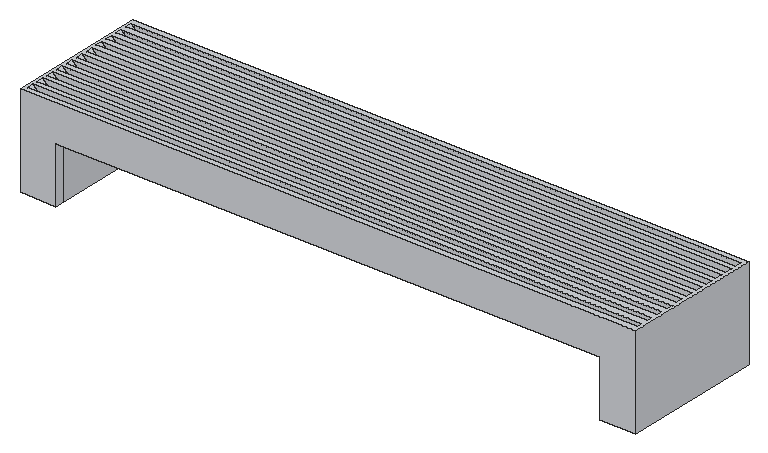
Revit family "SP12", category Mechanical Equipment, Revit 2017
Family settings
  Round Connector Dimension = Use Diameter
  Part Type = Normal
  OmniClass Number = 23.75.00.00
  OmniClass Title = Climate Control (HVAC)
  Work Plane-Based = No
  Always vertical = Yes
  Cut with Voids When Loaded = No
  Shared = No
  Room Calculation Point = No
Parameters
  Width = 275 mm
  Length = 1200 mm
  Leg height = 180 mm
  Height = 180 mm
Reference planes
  plane 1 "Center (Front/Back)": y = 0
  plane 2: z = 0
  plane 3 "Center (Left/Right)": x = 0
  plane 4: x = 0
  plane 5: x = -600
  plane 6: x = 600
  plane 7: x = -595
  plane 8: x = -580
  plane 9: x = 595
  plane 10: x = 580
  plane 11: x = 597
  plane 12: x = -597
  plane 13: z = 180
  plane 14: z = 165
  plane 15: z = 125
  plane 16: z = 110
  plane 17: y = -3
  plane 18: y = -275
  plane 19: y = -272
  plane 20: y = -257
  plane 21: y = -18
  plane 22: x = -530
  plane 23: x = 530
  plane 24: x = -533
  plane 25: x = 533
  plane 26 "Center": y = -137.5
Forms (mm)
  Extrusion 1, solid
    sketch origin (0, 0, 0) x (1, 0, 0) y (0, 0, 1)
      loop
        line (-600, 180) -> (-600, 110) -> (-595, 110) -> (-580, 125) -> (-580, 165) -> (-595, 180) -> (-600, 180)
      loop
        line (600, 180) -> (595, 180) -> (580, 165) -> (580, 125) -> (595, 110) -> (600, 110) -> (600, 180)
    from 0 to 275
  Extrusion 2, solid
    sketch origin (0, 0, 0) x (1, 0, 0) y (0, 1, 0)
      loop
        line (530, -18) -> (533, -18) -> (533, -3) -> (597, -3) -> (597, -272) -> (533, -272) -> (533, -257) -> (530, -257) -> (530, -275) -> (600, -275) -> (600, 0) -> (530, 0) -> (530, -18)
      loop
        line (-530, -18) -> (-530, 0) -> (-600, 0) -> (-600, -275) -> (-530, -275) -> (-530, -257) -> (-533, -257) -> (-533, -272) -> (-597, -272) -> (-597, -3) -> (-533, -3) -> (-533, -18) -> (-530, -18)
    from 0 to 110
  Extrusion 3, solid
    sketch origin (0, 0, 0) x (1, 0, 0) y (0, 1, 0)
      loop
        line (-595, 0) -> (-595, -11) -> (595, -11) -> (595, 0) -> (-595, 0)
    from 110 to 180
  Extrusion 4, solid
    sketch origin (0, -24, 0) x (1, 0, 0) y (0, 1, 0)
      loop
        line (-595, 0) -> (-595, -11) -> (595, -11) -> (595, 0) -> (-595, 0)
    from 110 to 180
  Extrusion 5, solid
    sketch origin (0, -48, 0) x (1, 0, 0) y (0, 1, 0)
      loop
        line (-595, 0) -> (-595, -11) -> (595, -11) -> (595, 0) -> (-595, 0)
    from 110 to 180
  Extrusion 6, solid
    sketch origin (0, -72, 0) x (1, 0, 0) y (0, 1, 0)
      loop
        line (-595, 0) -> (-595, -11) -> (595, -11) -> (595, 0) -> (-595, 0)
    from 110 to 180
  Extrusion 7, solid
    sketch origin (0, -96, 0) x (1, 0, 0) y (0, 1, 0)
      loop
        line (-595, 0) -> (-595, -11) -> (595, -11) -> (595, 0) -> (-595, 0)
    from 110 to 180
  Extrusion 8, solid
    sketch origin (0, -120, 0) x (1, 0, 0) y (0, 1, 0)
      loop
        line (-595, 0) -> (-595, -11) -> (595, -11) -> (595, 0) -> (-595, 0)
    from 110 to 180
  Extrusion 9, solid
    sketch origin (0, -144, 0) x (1, 0, 0) y (0, 1, 0)
      loop
        line (-595, 0) -> (-595, -11) -> (595, -11) -> (595, 0) -> (-595, 0)
    from 110 to 180
  Extrusion 10, solid
    sketch origin (0, -168, 0) x (1, 0, 0) y (0, 1, 0)
      loop
        line (-595, 0) -> (-595, -11) -> (595, -11) -> (595, 0) -> (-595, 0)
    from 110 to 180
  Extrusion 11, solid
    sketch origin (0, -192, 0) x (1, 0, 0) y (0, 1, 0)
      loop
        line (-595, 0) -> (-595, -11) -> (595, -11) -> (595, 0) -> (-595, 0)
    from 110 to 180
  Extrusion 12, solid
    sketch origin (0, -216, 0) x (1, 0, 0) y (0, 1, 0)
      loop
        line (-595, 0) -> (-595, -11) -> (595, -11) -> (595, 0) -> (-595, 0)
    from 110 to 180
  Extrusion 13, solid
    sketch origin (0, -240, 0) x (1, 0, 0) y (0, 1, 0)
      loop
        line (-595, 0) -> (-595, -11) -> (595, -11) -> (595, 0) -> (-595, 0)
    from 110 to 180
  Extrusion 14, solid
    sketch origin (0, -264, 0) x (1, 0, 0) y (0, 1, 0)
      loop
        line (-595, 0) -> (-595, -11) -> (595, -11) -> (595, 0) -> (-595, 0)
    from 110 to 180
  Extrusion 15, solid
    sketch origin (0, 0, 0) x (1, 0, 0) y (0, 1, 0)
      loop
        circle (-553, -53.5) r 10.5
      loop
        circle (-553, -221.5) r 10.5
      loop
        circle (553, -53.5) r 10.5
      loop
        circle (553, -221.5) r 10.5
    from 95 to 110
  Extrusion 16, solid
    sketch origin (0, 0, 0) x (1, 0, 0) y (0, 1, 0)
      loop
        line (-533, -18) -> (-533, -257) -> (-530, -257) -> (-530, -18) -> (-533, -18)
      loop
        line (533, -18) -> (530, -18) -> (530, -257) -> (533, -257) -> (533, -18)
    from 0 to 110
Cuts and joins
  joined: Extrusion 1, Extrusion 2, Extrusion 3, Extrusion 4, Extrusion 5, Extrusion 6, Extrusion 7, Extrusion 8, Extrusion 9, Extrusion 10, Extrusion 11, Extrusion 12, Extrusion 13, Extrusion 14
Dimensions and locks
  equal spacing: plane 5, plane 4, plane 6
  "Length": plane 5 to plane 6
  locked: plane 7 to plane 8 at 15
  locked: plane 5 to plane 7 at 5
  locked: plane 9 to plane 10 at 15
  locked: plane 6 to plane 9 at 5
  locked: plane 11 to plane 6 at 3
  locked: plane 5 to plane 12 at 3
  "Height": plane 13 to level
  locked: plane 13 to plane 14 at 15
  locked: plane 13 to plane 16 at 70
  locked: plane 15 to plane 16 at 15
  "Width": plane 18 to plane 1 "Center (Front/Back)"
  locked: plane 23 to plane 6 at 70
  locked: plane 17 to plane 1 "Center (Front/Back)" at 3
  locked: plane 19 to plane 18 at 3
  locked: plane 21 to plane 1 "Center (Front/Back)" at 18
  locked: plane 20 to plane 18 at 18
  locked: plane 24 to plane 22 at 3
  locked: plane 23 to plane 25 at 3
  Extrusion 3 sketch curve to Extrusion 3 sketch curve = 11 mm
  Extrusion 4 sketch curve to Extrusion 4 sketch curve = 11 mm
  Extrusion 5 sketch curve to Extrusion 5 sketch curve = 11 mm
  Extrusion 6 sketch curve to Extrusion 6 sketch curve = 11 mm
  Extrusion 7 sketch curve to Extrusion 7 sketch curve = 11 mm
  Extrusion 8 sketch curve to Extrusion 8 sketch curve = 11 mm
  Extrusion 9 sketch curve to Extrusion 9 sketch curve = 11 mm
  Extrusion 10 sketch curve to Extrusion 10 sketch curve = 11 mm
  Extrusion 11 sketch curve to Extrusion 11 sketch curve = 11 mm
  Extrusion 12 sketch curve to Extrusion 12 sketch curve = 11 mm
  Extrusion 13 sketch curve to Extrusion 13 sketch curve = 11 mm
  Extrusion 14 sketch curve to Extrusion 14 sketch curve = 11 mm
  locked: plane 5 to plane 22 at 70
  equal spacing: plane 18, plane 26 "Center", plane 1 "Center (Front/Back)"
  Extrusion 15 sketch curve to plane 1 "Center (Front/Back)" = 53.5 mm
  Extrusion 15 sketch curve to plane 18 = 53.5 mm
  locked: plane 5 to Extrusion 15 sketch curve at 47  (x2)
  locked: Extrusion 15 sketch curve to plane 1 "Center (Front/Back)" at 53.5
  locked: Extrusion 15 sketch curve to plane 18 at 53.5
  locked: Extrusion 15 sketch curve to plane 6 at 47  (x2)
  locked: plane 16 to Extrusion 15 at 15
  locked: Extrusion 3 to Extrusion 3 at 11
  locked: Extrusion 4 to Extrusion 3 at 13
  plane 21 to Extrusion 4 to Extrusion 4 = 6 mm locked, 11 mm locked
  locked: Extrusion 5 to Extrusion 4 at 13
  locked: Extrusion 5 to Extrusion 5 at 11
  locked: Extrusion 6 to Extrusion 5 at 13
  locked: Extrusion 6 to Extrusion 6 at 11
  locked: Extrusion 7 to Extrusion 6 at 13
  locked: Extrusion 7 to Extrusion 7 at 11
  locked: Extrusion 8 to Extrusion 7 at 13
  locked: Extrusion 8 to Extrusion 8 at 11
  locked: Extrusion 9 to Extrusion 8 at 13
  locked: Extrusion 9 to Extrusion 9 at 11
  locked: Extrusion 10 to Extrusion 9 at 13
  locked: Extrusion 10 to Extrusion 10 at 11
  locked: Extrusion 11 to Extrusion 10 at 13
  locked: Extrusion 11 to Extrusion 11 at 11
  locked: Extrusion 12 to Extrusion 11 at 13
  locked: Extrusion 12 to Extrusion 12 at 11
  locked: Extrusion 13 to Extrusion 12 at 13
  locked: Extrusion 13 to Extrusion 13 at 11
  locked: Extrusion 14 to Extrusion 13 at 13
  locked: Extrusion 14 to Extrusion 14 at 11
  aligned and locked: level to plane 2
  aligned and locked: plane 5 to Extrusion 1 sketch curve
  aligned and locked: Extrusion 1 sketch curve to plane 8
  aligned and locked: plane 16 to Extrusion 1 sketch curve
  aligned and locked: Extrusion 1 sketch curve to plane 13
  aligned and locked: Extrusion 1 sketch curve to plane 6
  aligned and locked: plane 13 to Extrusion 1 sketch curve
  aligned and locked: plane 10 to Extrusion 1 sketch curve
  aligned and locked: Extrusion 1 sketch curve to plane 16
  aligned and locked: plane 17 to Extrusion 2 sketch curve
  aligned and locked: Extrusion 2 sketch curve to plane 25  (x2)
  aligned and locked: plane 21 to Extrusion 2 sketch curve
  aligned and locked: plane 23 to Extrusion 2 sketch curve  (x2)
  aligned and locked: plane 1 "Center (Front/Back)" to Extrusion 2 sketch curve
  aligned and locked: plane 11 to Extrusion 2 sketch curve
  aligned and locked: plane 6 to Extrusion 2 sketch curve
  aligned and locked: Extrusion 2 sketch curve to plane 19
  aligned and locked: Extrusion 2 sketch curve to plane 20
  aligned and locked: plane 18 to Extrusion 2 sketch curve
  aligned and locked: plane 22 to Extrusion 2 sketch curve  (x2)
  aligned and locked: Extrusion 2 sketch curve to plane 24  (x2)
  aligned and locked: Extrusion 2 sketch curve to plane 21
  aligned and locked: Extrusion 2 sketch curve to plane 1 "Center (Front/Back)"
  aligned and locked: Extrusion 2 sketch curve to plane 17
  aligned and locked: plane 20 to Extrusion 2 sketch curve
  aligned and locked: Extrusion 2 sketch curve to plane 18
  aligned and locked: plane 19 to Extrusion 2 sketch curve
  aligned and locked: Extrusion 2 sketch curve to plane 12
  aligned and locked: Extrusion 2 sketch curve to plane 5
  aligned and locked: plane 16 to Extrusion 2
  aligned and locked: plane 13 to Extrusion 3
  aligned and locked: Extrusion 3 to plane 16
  aligned and locked: Extrusion 14 to plane 9
  aligned and locked: Extrusion 13 to plane 9
  aligned and locked: Extrusion 12 to plane 9
  aligned and locked: Extrusion 11 to plane 9
  aligned and locked: Extrusion 10 to plane 9
  aligned and locked: Extrusion 9 to plane 9
  aligned and locked: Extrusion 8 to plane 9
  aligned and locked: Extrusion 7 to plane 9
  aligned and locked: Extrusion 6 to plane 9
  aligned and locked: Extrusion 5 to plane 9
  aligned and locked: Extrusion 4 to plane 9
  aligned and locked: Extrusion 3 to plane 9
  aligned and locked: plane 16 to Extrusion 15
  aligned and locked: plane 13 to Extrusion 14
  aligned and locked: plane 13 to Extrusion 13
  aligned and locked: plane 13 to Extrusion 12
  aligned and locked: plane 13 to Extrusion 11
  aligned and locked: plane 13 to Extrusion 10
  aligned and locked: plane 13 to Extrusion 9
  aligned and locked: plane 13 to Extrusion 8
  aligned and locked: plane 13 to Extrusion 7
  aligned and locked: plane 13 to Extrusion 6
  aligned and locked: plane 13 to Extrusion 5
  aligned and locked: plane 13 to Extrusion 4
  aligned and locked: Extrusion 14 to plane 16
  aligned and locked: Extrusion 13 to plane 16
  aligned and locked: Extrusion 12 to plane 16
  aligned and locked: Extrusion 11 to plane 16
  aligned and locked: Extrusion 10 to plane 16
  aligned and locked: Extrusion 9 to plane 16
  aligned and locked: Extrusion 8 to plane 16
  aligned and locked: Extrusion 7 to plane 16
  aligned and locked: Extrusion 6 to plane 16
  aligned and locked: Extrusion 5 to plane 16
  aligned and locked: Extrusion 4 to plane 16
  aligned and locked: Extrusion 1 to plane 18
  aligned and locked: Extrusion 16 sketch curve to plane 21
  aligned and locked: plane 24 to Extrusion 16 sketch curve
  aligned and locked: Extrusion 16 sketch curve to plane 22
  aligned and locked: plane 20 to Extrusion 16 sketch curve
  aligned and locked: plane 21 to Extrusion 16 sketch curve
  aligned and locked: Extrusion 2 to Extrusion 16 sketch curve
  aligned and locked: plane 25 to Extrusion 16 sketch curve
  aligned and locked: Extrusion 16 sketch curve to plane 20
  aligned and locked: plane 16 to Extrusion 16
Automatic sketch dimensions
  Extrusion 1 sketch curve to plane 7 = 0 mm  (x2)
  plane 9 to Extrusion 1 sketch curve = 0 mm  (x2)
  Extrusion 1 sketch curve to plane 15 = 0 mm  (x2)
  Extrusion 1 sketch curve to plane 14 = 0 mm  (x2)
  Extrusion 3 sketch curve to Extrusion 3 sketch curve = 1190 mm
  Extrusion 4 sketch curve to Extrusion 4 sketch curve = 1190 mm
  Extrusion 5 sketch curve to Extrusion 5 sketch curve = 1190 mm
  Extrusion 6 sketch curve to Extrusion 6 sketch curve = 1190 mm
  Extrusion 7 sketch curve to Extrusion 7 sketch curve = 1190 mm
  Extrusion 8 sketch curve to Extrusion 8 sketch curve = 1190 mm
  Extrusion 9 sketch curve to Extrusion 9 sketch curve = 1190 mm
  Extrusion 10 sketch curve to Extrusion 10 sketch curve = 1190 mm
  Extrusion 11 sketch curve to Extrusion 11 sketch curve = 1190 mm
  Extrusion 12 sketch curve to Extrusion 12 sketch curve = 1190 mm
  Extrusion 13 sketch curve to Extrusion 13 sketch curve = 1190 mm
  Extrusion 14 sketch curve to Extrusion 14 sketch curve = 1190 mm
  plane 1 "Center (Front/Back)" to Extrusion 3 sketch curve = 0 mm
  Extrusion 3 sketch curve to plane 7 = 0 mm
  Extrusion 4 sketch curve to plane 7 = 0 mm
  Extrusion 4 sketch curve to plane 21 = 17 mm
  Extrusion 5 sketch curve to plane 7 = 0 mm
  Extrusion 5 sketch curve to plane 21 = 41 mm
  Extrusion 6 sketch curve to plane 7 = 0 mm
  Extrusion 6 sketch curve to plane 21 = 65 mm
  Extrusion 7 sketch curve to plane 7 = 0 mm
  Extrusion 7 sketch curve to plane 21 = 89 mm
  Extrusion 8 sketch curve to plane 7 = 0 mm
  Extrusion 8 sketch curve to plane 21 = 113 mm
  Extrusion 9 sketch curve to plane 7 = 0 mm
  Extrusion 9 sketch curve to plane 21 = 137 mm
  Extrusion 10 sketch curve to plane 7 = 0 mm
  plane 20 to Extrusion 10 sketch curve = 78 mm
  Extrusion 11 sketch curve to plane 7 = 0 mm
  plane 20 to Extrusion 11 sketch curve = 54 mm
  Extrusion 12 sketch curve to plane 7 = 0 mm
  plane 20 to Extrusion 12 sketch curve = 30 mm
  Extrusion 13 sketch curve to plane 7 = 0 mm
  plane 20 to Extrusion 13 sketch curve = 6 mm
  Extrusion 14 sketch curve to plane 7 = 0 mm
  Extrusion 14 sketch curve to plane 20 = 18 mm
  radius of Extrusion 15 sketch curve = 10.5 mm  (x4)
